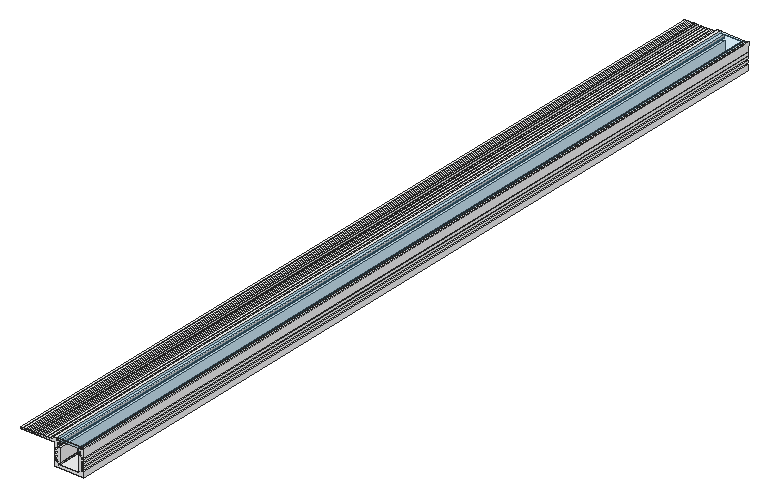
Revit family "LLED8000-SMI-4RF", category Lighting Fixtures, Revit 2017
Family settings
  Round Connector Dimension = Use Diameter
  Part Type = Normal
  OmniClass Number = 23.80.70.00
  OmniClass Title = Lighting
  Work Plane-Based = No
  Always vertical = Yes
  Cut with Voids When Loaded = No
  Light Source = Yes
  Shared = No
  Room Calculation Point = No
Parameters (values of type "LLED8000-SMI")
  Wattage = 9.2903 W
  built-in parameter 1150110 = 1 (stored number, unit not read)
  built-in parameter 1114217 = 1 (stored number, unit not read)
  Tilt Angle = 60.00°
  built-in parameter 1150109 = 1 (stored number, unit not read)
  built-in parameter 1150134 = 3
  built-in parameter 1150113 = 1 (stored number, unit not read)
  Photometric Web File = "generic"
  built-in parameter 1150142 = (empty or 0)
  built-in parameter 1150105 = 109.82 (stored number, unit not read)
  Lumens = 1380 lm
  built-in parameter 1150115 = 1 (stored number, unit not read)
  built-in parameter 1150137 = (empty or 0)
  built-in parameter 1150139 = (empty or 0)
  Length = 24.00"
  built-in parameter 1150112 = 1 (stored number, unit not read)
  built-in parameter 1150114 = 1 (stored number, unit not read)
  built-in parameter 1150132 = (empty or 0)
  built-in parameter 1150102 = (empty or 0)
  built-in parameter 1150107 = 3200 (stored number, unit not read)
  built-in parameter 1150138 = (empty or 0)
  built-in parameter 1150106 = 1.0982 (stored number, unit not read)
  Fixture Cap = Fixture Cap
  Fixture = Fixture
  Emit from Line Length = Length  # 24.00"
  built-in parameter 1150104 = 13.8 (stored number, unit not read)
  Dimming Lamp Color Temperature Shift = <None>
  Color Filter = 16777215
  built-in parameter 1114218 = 1 (stored number, unit not read)
  built-in parameter 1150133 = 10 (stored number, unit not read)
Reference planes (in)
  plane 1 "Light Source Axis (F/B)": y = 0
  plane 2: z = 0
  plane 3 "Light Source Axis (L/R)": x = 0
  plane 4 "Light Source Elevation": z = 80
  plane 5: y = 12
  plane 6: y = -12
Forms (in)
  Extrusion 1, solid, material "Glass"
    sketch origin (-0.68945, 4.28688, -0.70215) x (1, 0, 0) y (0, 0, 1)
      loop
        line (1.73462, 1.45031) -> (1.73462, 1.39528) -> (1.83138, 1.39528)
        arc (1.83138, 1.39528) -> (1.84857, 1.36744) -> (1.83138, 1.33961) r 0.03113
        line (1.83138, 1.33961) -> (1.78781, 1.33961)
        arc (1.78781, 1.33961) -> (1.80953, 1.30734) -> (1.84406, 1.28943) r 0.07868
        arc (1.84406, 1.28943) -> (1.85878, 1.29273) -> (1.86534, 1.30632) r 0.01734
        line (1.86534, 1.30632) -> (1.86534, 1.39528) -> (2.36546, 1.39528) -> (2.36546, 1.31402)
        arc (2.36546, 1.31402) -> (2.37541, 1.29505) -> (2.39667, 1.29244) r 0.02307
        arc (2.39667, 1.29244) -> (2.42503, 1.31093) -> (2.44299, 1.33961) r 0.07868
        line (2.44299, 1.33961) -> (2.39941, 1.33961)
        arc (2.39941, 1.33961) -> (2.38233, 1.36744) -> (2.39941, 1.39528) r 0.03121
        line (2.39941, 1.39528) -> (2.49618, 1.39528) -> (2.49618, 1.45031) -> (1.73462, 1.45031)
    from 16.28688 to -7.71312
  Extrusion 2, solid, material "Fixture" <- "Fixture"
    sketch origin (-1.93945, 5.61414, -0.70206) x (1, 0, 0) y (0, 0, 1)
      loop
        line (2.92618, 0.70022) -> (3.78125, 0.70022) -> (3.78125, 0.85661) -> (3.71798, 0.85661) -> (3.71798, 0.90479) -> (3.78125, 0.90479) -> (3.78125, 0.95923) -> (3.71798, 0.95923) -> (3.71798, 1.00481) -> (3.78125, 1.00481) -> (3.78125, 1.05249) -> (3.71798, 1.05249) -> (3.71798, 1.09849) -> (3.78125, 1.09849) -> (3.78125, 1.15251) -> (3.71798, 1.15251) -> (3.71798, 1.20568) -> (3.78918, 1.20568) -> (3.78918, 1.45022) -> (3.74618, 1.45022) -> (3.74618, 1.39519) -> (3.64924, 1.39519)
        arc (3.64924, 1.39519) -> (3.63227, 1.36735) -> (3.64937, 1.33959) r 0.0312
        line (3.64937, 1.33959) -> (3.69299, 1.33959) -> (3.69299, 1.24155) -> (3.62255, 1.24155) -> (3.62255, 0.84556)
        arc (3.62255, 0.84556) -> (3.62646, 0.82957) -> (3.6373, 0.8172) r 0.03463
        line (3.6373, 0.8172) -> (3.66701, 0.80321)
        arc (3.66701, 0.80321) -> (3.67262, 0.7867) -> (3.65856, 0.77639) r 0.01474
        line (3.65856, 0.77639) -> (3.077, 0.77639)
        arc (3.077, 0.77639) -> (3.06294, 0.7867) -> (3.06854, 0.80321) r 0.01474
        line (3.06854, 0.80321) -> (3.09827, 0.81719)
        arc (3.09827, 0.81719) -> (3.10913, 0.82957) -> (3.11305, 0.84557) r 0.03465
        line (3.11305, 0.84557) -> (3.11305, 1.24155) -> (3.03359, 1.24155) -> (3.03359, 1.33959) -> (3.08143, 1.33959)
        arc (3.08143, 1.33959) -> (3.09863, 1.36735) -> (3.08156, 1.39519) r 0.03111
        line (3.08156, 1.39519) -> (2.98462, 1.39519) -> (2.98462, 1.45022) -> (2.91175, 1.45022)
        arc (2.91175, 1.45022) -> (2.90035, 1.44144) -> (2.90593, 1.42818) r 0.01179
        line (2.90593, 1.42818) -> (2.94093, 1.41883)
        arc (2.94093, 1.41883) -> (2.94395, 1.40425) -> (2.93176, 1.39569) r 0.01356
        line (2.93176, 1.39569) -> (2.82431, 1.39239)
        arc (2.82431, 1.39239) -> (2.81367, 1.38313) -> (2.8037, 1.39312) r 0.01034
        line (2.8037, 1.39312) -> (2.73604, 1.39099)
        arc (2.73604, 1.39099) -> (2.72603, 1.38035) -> (2.71538, 1.39034) r 0.01034
        line (2.71538, 1.39034) -> (2.64177, 1.38803)
        arc (2.64177, 1.38803) -> (2.6318, 1.37738) -> (2.62111, 1.3873) r 0.01034
        line (2.62111, 1.3873) -> (2.55598, 1.38525)
        arc (2.55598, 1.38525) -> (2.54594, 1.3746) -> (2.53532, 1.38467) r 0.01034
        line (2.53532, 1.38467) -> (2.46586, 1.3825)
        arc (2.46586, 1.3825) -> (2.45582, 1.37184) -> (2.4452, 1.38192) r 0.01034
        line (2.4452, 1.38192) -> (2.406, 1.3807) -> (2.406, 1.34102) -> (2.33808, 1.34102) -> (2.33808, 1.37894) -> (2.30272, 1.37784)
        arc (2.30272, 1.37784) -> (2.29274, 1.36676) -> (2.28207, 1.37716) r 0.01034
        line (2.28207, 1.37716) -> (2.21976, 1.37525)
        arc (2.21976, 1.37525) -> (2.20993, 1.36461) -> (2.19912, 1.37425) r 0.01034
        line (2.19912, 1.37425) -> (2.12915, 1.37207)
        arc (2.12915, 1.37207) -> (2.11887, 1.36256) -> (2.10851, 1.37198) r 0.01036
        line (2.10851, 1.37198) -> (2.03631, 1.36978)
        arc (2.03631, 1.36978) -> (2.02574, 1.36032) -> (2.01589, 1.37053) r 0.01022
        line (2.01589, 1.37053) -> (1.95373, 1.37053)
        arc (1.95373, 1.37053) -> (1.93947, 1.35888) -> (1.94805, 1.34259) r 0.01455
        line (1.94805, 1.34259) -> (1.99509, 1.32262) -> (2.92618, 1.32262) -> (2.92618, 1.20568) -> (3.03359, 1.20568) -> (3.03359, 1.15251) -> (2.92618, 1.15251) -> (2.92618, 1.09849) -> (3.03359, 1.09849) -> (3.03359, 1.04168) -> (2.92618, 1.04168) -> (2.92618, 0.99385) -> (3.03359, 0.99385) -> (3.03359, 0.94798) -> (2.92618, 0.94798) -> (2.92618, 0.90479) -> (3.03359, 0.90479) -> (3.03359, 0.85661) -> (2.92618, 0.85661) -> (2.92618, 0.70022)
    from 17.61414 to -6.38586
Dimensions and locks (in)
  equal spacing: plane 5, plane 1 "Light Source Axis (F/B)", plane 6
  "Length": plane 5 to plane 6
  Extrusion 2 to Extrusion 2 = 1.85"
  Extrusion 1 to Extrusion 2 = 0.75"
  Extrusion 2 to Extrusion 2 = 0.85506"
  aligned and locked: level to plane 2
  aligned and locked: Extrusion 2 to plane 6
  aligned and locked: plane 5 to Extrusion 2
  aligned and locked: Extrusion 2 to Extrusion 1  (x2)
  aligned and locked: Extrusion 1 to Extrusion 2
  aligned and locked: plane 5 to Extrusion 1
  aligned and locked: Extrusion 1 to plane 6
Automatic sketch dimensions
  level to Extrusion 1 sketch curve = 0.74816"
  plane 3 "Light Source Axis (L/R)" to Extrusion 1 sketch curve = 1.04517"
  Extrusion 1 sketch curve to Extrusion 1 sketch curve = 0.05318"
  Extrusion 1 sketch curve to Extrusion 1 sketch curve = 0.02963"
  Extrusion 1 sketch curve to Extrusion 1 sketch curve = 0.01394"  (x2)
  Extrusion 1 sketch curve to Extrusion 1 sketch curve = 0.01661"
  Extrusion 1 sketch curve to Extrusion 1 sketch curve = 0.03052"
  Extrusion 1 sketch curve to Extrusion 1 sketch curve = 0.00343"  (x2)
  Extrusion 1 sketch curve to Extrusion 1 sketch curve = 0.50013"
  Extrusion 1 sketch curve to Extrusion 1 sketch curve = 0.02307"
  Extrusion 1 sketch curve to Extrusion 1 sketch curve = 0.01088"
  Extrusion 1 sketch curve to Extrusion 1 sketch curve = 0.03395"
  Extrusion 1 sketch curve to Extrusion 1 sketch curve = 0.01413"
  Extrusion 1 sketch curve to Extrusion 1 sketch curve = 0.02945"
  Extrusion 1 sketch curve to Extrusion 1 sketch curve = 0.09676"
  Extrusion 1 sketch curve to Extrusion 1 sketch curve = 0.05504"  (x2)
  Extrusion 1 sketch curve to Extrusion 1 sketch curve = 0.00"
  Extrusion 1 sketch curve to Extrusion 1 sketch curve = 0.02783"  (x2)
  Extrusion 1 sketch curve to Extrusion 1 sketch curve = 0.02922"  (x2)
  Extrusion 1 sketch curve to Extrusion 1 sketch curve = 0.02559"
  Extrusion 1 sketch curve to Extrusion 1 sketch curve = 0.03329"
  plane 3 "Light Source Axis (L/R)" to Extrusion 2 sketch curve = 0.00859"
  Extrusion 2 sketch curve to Extrusion 2 sketch curve = 0.00569"
  Extrusion 2 sketch curve to Extrusion 2 sketch curve = 0.04704"
  Extrusion 2 sketch curve to Extrusion 2 sketch curve = 0.02081"
  Extrusion 2 sketch curve to Extrusion 2 sketch curve = 0.01022"
  level to Extrusion 2 sketch curve = 0.66772"
  Extrusion 2 sketch curve to Extrusion 2 sketch curve = 0.01019"
  Extrusion 2 sketch curve to Extrusion 2 sketch curve = 0.07221"
  Extrusion 2 sketch curve to Extrusion 2 sketch curve = 0.01031"  (x3)
  level to Extrusion 2 sketch curve = 0.67002"
  Extrusion 2 sketch curve to Extrusion 2 sketch curve = 0.01032"
  level to Extrusion 2 sketch curve = 0.67219"
  Extrusion 2 sketch curve to Extrusion 2 sketch curve = 0.06997"
  level to Extrusion 2 sketch curve = 0.67319"
  Extrusion 2 sketch curve to Extrusion 2 sketch curve = 0.01033"  (x10)
  Extrusion 2 sketch curve to Extrusion 2 sketch curve = 0.06231"
  Extrusion 2 sketch curve to Extrusion 2 sketch curve = 0.01034"
  level to Extrusion 2 sketch curve = 0.67578"
  Extrusion 2 sketch curve to Extrusion 2 sketch curve = 0.03536"
  Extrusion 2 sketch curve to Extrusion 2 sketch curve = 0.06792"
  level to Extrusion 2 sketch curve = 0.67986"
  Extrusion 2 sketch curve to Extrusion 2 sketch curve = 0.0392"
  level to Extrusion 2 sketch curve = 0.68044"
  level to Extrusion 2 sketch curve = 0.68261"
  Extrusion 2 sketch curve to Extrusion 2 sketch curve = 0.06945"
  level to Extrusion 2 sketch curve = 0.68319"
  level to Extrusion 2 sketch curve = 0.68524"
  Extrusion 2 sketch curve to Extrusion 2 sketch curve = 0.06513"
  level to Extrusion 2 sketch curve = 0.68597"
  level to Extrusion 2 sketch curve = 0.68828"
  Extrusion 2 sketch curve to Extrusion 2 sketch curve = 0.07361"
  level to Extrusion 2 sketch curve = 0.68893"
  level to Extrusion 2 sketch curve = 0.69106"
  Extrusion 2 sketch curve to Extrusion 2 sketch curve = 0.06766"
  level to Extrusion 2 sketch curve = 0.69033"
  Extrusion 2 sketch curve to Extrusion 2 sketch curve = 0.01028"
  level to Extrusion 2 sketch curve = 0.72612"
  Extrusion 2 sketch curve to Extrusion 2 sketch curve = 0.08162"
  Extrusion 2 sketch curve to Extrusion 2 sketch curve = 0.00582"
  Extrusion 2 sketch curve to Extrusion 2 sketch curve = 0.10187"
  Extrusion 2 sketch curve to Extrusion 2 sketch curve = 0.00"  (x10)
  Extrusion 2 sketch curve to Extrusion 2 sketch curve = 0.02541"
  level to Extrusion 2 sketch curve = 0.69363"
  Extrusion 2 sketch curve to Extrusion 2 sketch curve = 0.00042"
  level to Extrusion 2 sketch curve = 0.71677"
  Extrusion 2 sketch curve to Extrusion 2 sketch curve = 0.00959"
  Extrusion 2 sketch curve to Extrusion 2 sketch curve = 0.04369"
  Extrusion 2 sketch curve to Extrusion 2 sketch curve = 0.04897"
  Extrusion 2 sketch curve to Extrusion 2 sketch curve = 0.03393"
  level to Extrusion 2 sketch curve = 0.10115"  (x2)
  Extrusion 2 sketch curve to Extrusion 2 sketch curve = 0.03495"
  Extrusion 2 sketch curve to Extrusion 2 sketch curve = 0.00845"  (x2)
  Extrusion 2 sketch curve to Extrusion 2 sketch curve = 0.00986"
  Extrusion 2 sketch curve to Extrusion 2 sketch curve = 0.01405"
  Extrusion 2 sketch curve to Extrusion 2 sketch curve = 0.01391"
  level to Extrusion 2 sketch curve = 0.11513"
  Extrusion 2 sketch curve to Extrusion 2 sketch curve = 0.02973"
  Extrusion 2 sketch curve to Extrusion 2 sketch curve = 0.01477"
  Extrusion 2 sketch curve to Extrusion 2 sketch curve = 0.5095"
  level to Extrusion 2 sketch curve = 0.11514"
  Extrusion 2 sketch curve to Extrusion 2 sketch curve = 0.01476"
  Extrusion 2 sketch curve to Extrusion 2 sketch curve = 0.02683"
  Extrusion 2 sketch curve to Extrusion 2 sketch curve = 0.00013"
  Extrusion 2 sketch curve to Extrusion 2 sketch curve = 0.01987"
  Extrusion 2 sketch curve to Extrusion 2 sketch curve = 0.02126"
  Extrusion 2 sketch curve to Extrusion 2 sketch curve = 0.0141"
  Extrusion 2 sketch curve to Extrusion 2 sketch curve = 0.02952"
  Extrusion 2 sketch curve to Extrusion 2 sketch curve = 0.06081"
  Extrusion 2 sketch curve to Extrusion 2 sketch curve = 0.02499"  (x2)
  Extrusion 2 sketch curve to Extrusion 2 sketch curve = 0.09694"
  Extrusion 2 sketch curve to Extrusion 2 sketch curve = 0.06326"  (x3)
  Extrusion 2 sketch curve to Extrusion 2 sketch curve = 0.00794"
  Extrusion 2 sketch curve to Extrusion 2 sketch curve = 0.01207"
  Extrusion 2 sketch curve to level = 0.00184"
  Extrusion 2 sketch curve to Extrusion 2 sketch curve = 0.0534"
  Extrusion 2 sketch curve to Extrusion 2 sketch curve = 0.01105"
  Extrusion 2 sketch curve to Extrusion 2 sketch curve = 0.04819"  (x2)
  Extrusion 2 sketch curve to Extrusion 2 sketch curve = 0.04318"
  Extrusion 2 sketch curve to Extrusion 2 sketch curve = 0.05444"
  Extrusion 2 sketch curve to Extrusion 2 sketch curve = 0.04588"
  Extrusion 2 sketch curve to Extrusion 2 sketch curve = 0.04558"
  Extrusion 2 sketch curve to Extrusion 2 sketch curve = 0.04783"
  Extrusion 2 sketch curve to Extrusion 2 sketch curve = 0.04769"
  Extrusion 2 sketch curve to Extrusion 2 sketch curve = 0.05681"
  Extrusion 2 sketch curve to Extrusion 2 sketch curve = 0.046"
  Extrusion 2 sketch curve to Extrusion 2 sketch curve = 0.05402"  (x2)
  Extrusion 2 sketch curve to Extrusion 2 sketch curve = 0.05317"  (x2)
  Extrusion 2 sketch curve to Extrusion 2 sketch curve = 0.03587"  (x2)
  Extrusion 2 sketch curve to Extrusion 2 sketch curve = 0.04791"
  Extrusion 2 sketch curve to Extrusion 2 sketch curve = 0.09804"  (x2)
  Extrusion 2 sketch curve to Extrusion 2 sketch curve = 0.0409"
  Extrusion 2 sketch curve to Extrusion 2 sketch curve = 0.02795"
  Extrusion 2 sketch curve to Extrusion 2 sketch curve = 0.02783"  (x2)
  Extrusion 2 sketch curve to Extrusion 2 sketch curve = 0.00009"
  Extrusion 2 sketch curve to Extrusion 2 sketch curve = 0.00074"
  Extrusion 2 sketch curve to Extrusion 2 sketch curve = 0.0011"
  Extrusion 2 sketch curve to Extrusion 2 sketch curve = 0.00122"
  Extrusion 2 sketch curve to Extrusion 2 sketch curve = 0.01025"
  Extrusion 2 sketch curve to Extrusion 2 sketch curve = 0.05504"
